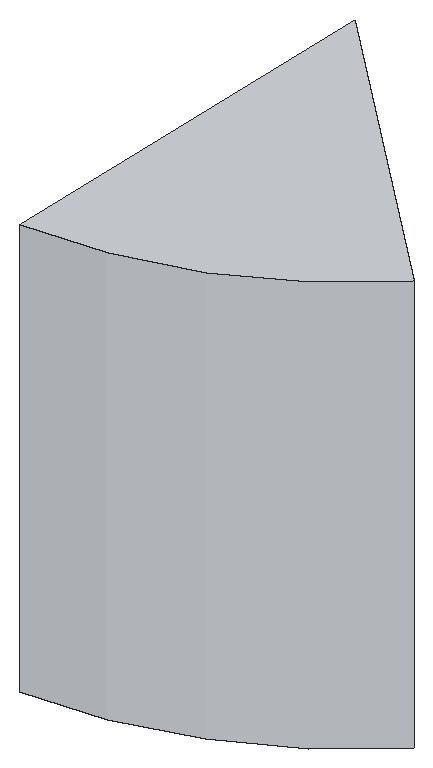
Revit family "5312efc40f454f5f97004aca3b946677", category Duct Fittings, Revit 2021
Family settings
  Round Connector Dimension = Use Diameter
  Part Type = Elbow
  OmniClass Number = 23.75.70.14
  OmniClass Title = Air Ductwork
  Seek Item ID = Rectangular Elbow - Sharp Throat - Radius Heel-0000-USA-ENU
  Work Plane-Based = No
  Always vertical = Yes
  Cut with Voids When Loaded = No
  Shared = No
Parameters (values of type "Standard")
  Duct Width [instance] = 12"
  Radius [instance] = Duct Width / 2 + 0' 0 1/64"  # 6 1/64"
  Duct Height [instance] = 12"
  Duct Length [instance] = Radius * tan(Angle / 2)  # 2.49175"
  Default Elevation = 0' - 0"
  Assembly Code = ""
  Angle [instance] = 45.00°
Reference planes (in)
  plane 1 "Center (Front/Back)": y = 0
  plane 2: z = 0
  plane 3 "Center (Left/Right)": x = 0
  plane 4: y = 6.01562
  plane 5: x = 2.49175
  plane 6: x = -2.49175
Forms (in)
  Sweep 1, solid, detail levels medium+fine
    path in 3D
      loop
        arc (-2.49175, 0, 0) -> (-0.18967, 0.45791, 0) -> (1.76194, 1.76194, 0) r 6.01563
    profile "Duct - Rectangular : Duct - Rectangular" origin (-0.18967, 0.45791, 0) x (-0.382683, 0.92388, 0) y (0, 0, 1)
      loop
        line (-6, 6) -> (-6, -6) -> (6, -6) -> (6, 6) -> (-6, 6)
Lines and regions (in)
  model lines, detail levels coarse
    curve 1: arc (-2.49175, 0, 0) -> (-0.18967, 0.45791, 0) -> (1.76194, 1.76194, 0) r 6.01563
  sketch lines
    curve 2: arc (-2.49175, 0, 0) -> (-0.18967, 0.45791, 0) -> (1.76194, 1.76194, 0) r 6.01563
Dimensions and locks (in)
  "Radius": plane 1 "Center (Front/Back)" to plane 4
  "Duct Length": plane 3 "Center (Left/Right)" to plane 5
  "Duct Length": plane 6 to plane 3 "Center (Left/Right)"
  "Radius": radius of curve 1
  "Angle": angle curve 1 to curve 1
  aligned and locked: plane 4 to curve 1
  aligned and locked: plane 6 to curve 1
Connectors (in)
  hvac at (-2.49175, 0, 0), driven by "Duct Height", driven by "Duct Width", driven by "Angle"
    settings: on Sweep 1, index 1, duct flow 0 CFM, flow factor 0, pres drop 0.00 in-wg, loss coef 0, conn angle 45.00°, conn width 12", conn height 12", conn diameter 24", duct sys type 28, conn prof type 1, flow config 0, flow direction 0, loss method 0, conn ref index 2, conn util no, is conn primary yes, conn desc ""
  hvac at (1.76194, 1.76194, 0), driven by "Angle", driven by "Duct Height", driven by "Duct Width"
    settings: on Sweep 1, index 2, duct flow 0 CFM, flow factor 0, pres drop 0.00 in-wg, loss coef 0, conn angle 45.00°, conn width 12", conn height 12", conn diameter 24", duct sys type 28, conn prof type 1, flow config 0, flow direction 0, loss method 0, conn ref index 1, conn util no, is conn primary no, conn desc ""
